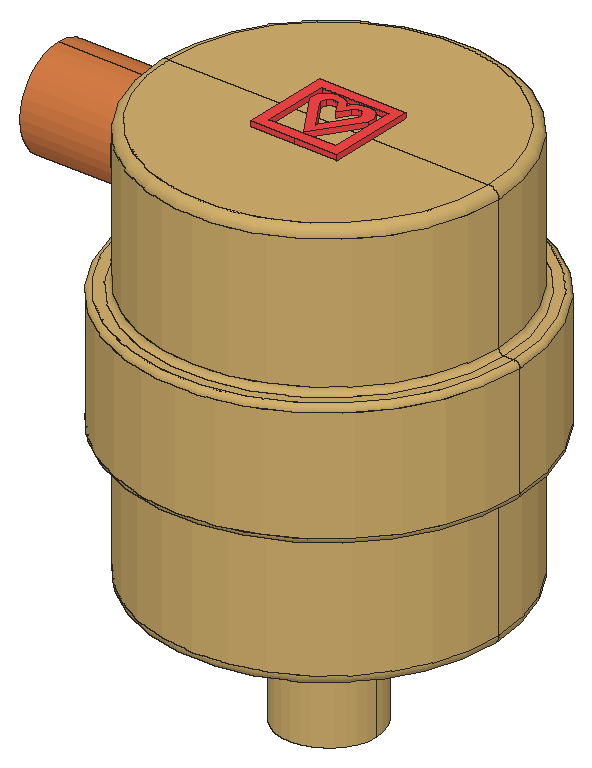
Revit family "Воздухоудалитель с функцией  выпуска воздуха 2630 10", category Rohrzubehör, Revit 2018
Family settings
  Bemaßung runder Anschluss = Durchmesser verwenden
  Teiletyp = Normal
  OmniClass-Nummer = 23.65.55.14
  OmniClass-Titel = Valves for Liquid Services
  Arbeitsebenenbasiert = Nein
  Immer vertikal = Ja
  Beim Laden mit Abzugskörper schneiden = Nein
  Gemeinsam genutzt = Nein
Parameters
  Поплавок = "Полипропилен"  # constant formula
  Номер заказа [instance] = if(Nennweite = 10.000 mm, 1263010, 0)  # 1263010
  SCRNSEQ = "AWI;AWI_TYP=\"1013\";1"
  SCRNCODE = "05;14;01"  # constant formula
  S03 = 24.500 mm  # constant formula
  S02 = 11.000 mm  # constant formula
  S01 = 56.000 mm  # constant formula
  Мин. рабочая температура = 0 °C  # constant formula
  Макс. давление на корпусе = 1000000.0 Pa  # constant formula
  Макс. рабочая температура = 110 °C  # constant formula
  URL = "www.herz-armaturen.ru"
  R02 = 0.600 mm  # constant formula
  R01 = 1.000 mm  # constant formula
  Nennweite [instance] = 10.000 mm  # constant formula
  Среда = "Качество  теплоносителя в соответствии с ÖNORM H5195 и/или предписаниями VDI-Standard 2035.\nРазрешается использование смеси этилен или пропиленгликоля в соотношении 25-50% с водой. Прокладки EPDM могут быть подвержены воздействию минеральных смазочных масел, что может служить причиной выхода из строя данных уплотнений. Пожалуйста, обратитесь к документации производителя, при использовании этиленгликоля и пропиленгликоля в целях защиты от замерзания."
  Макс. рабочее давление = 1000000.0 Pa  # constant formula
  L04 = L02 - L03  # 18.800 mm
  L03 = 9.500 mm  # constant formula
  L02 = 28.300 mm  # constant formula
  L01 = 4.000 mm  # constant formula
  Hersteller = "Herz-Armaturen GmbH"  # constant formula
  H08 = H00 - 1.000 mm  # 55.000 mm
  H07 = H00 - 7.500 mm  # 48.500 mm
  H06 = 2.500 mm  # constant formula
  H05 = 9.000 mm  # constant formula
  H04 = 14.500 mm  # constant formula
  H03 = 15.500 mm  # constant formula
  H02 = 13.000 mm  # constant formula
  H01 = 9.500 mm  # constant formula
  H00 = 56.000 mm  # constant formula
  Корпус = "штампованная латунь в соответствии с EN 12165, CW617N"  # constant formula
  G1 [instance] = Nennweite / 2  # 5.000 mm
  Уплотнение = "EPDM"  # constant formula
  Крышка корпуса = "штампованная латунь в соответствии с EN 12165, CW617N"  # constant formula
  D06 = 3.400 mm  # constant formula
  D05 = 5.100 mm  # constant formula
  D04 = 12.500 mm  # constant formula
  D03 = 11.000 mm  # constant formula
  D02 = 20.000 mm  # constant formula
  D01 = 17.800 mm  # constant formula
  Наружная резьба подключения = "в соответствии с ISO 228"  # constant formula
  Область применения = "Воздухоотводчик используется для удаления воздуха в системах отопления и холодоснабжения. Клапаны должны быть размещены рядом с котлом или же в самых высоких точках системы, чтобы обеспечить удаление воздуха из системы."
  Колпачок = "ABS пластик, цвет красный"  # constant formula
Reference planes
  plane 1 "Mitte (Vorne/hinten)": y = 0
  plane 2: z = 0
  plane 3 "Mitte (Links/rechts)": x = 0
Forms (mm)
  Revolve 1, solid, material "Messing", detail levels fine
    sketch origin (0, 0, 0) x (1, 0, 0) y (0, 0, 1)
      loop
        line (0, 56) -> (-16.8, 56)
        arc (-16.8, 56) -> (-17.507, 55.707) -> (-17.8, 55) r 1
        line (-17.8, 55) -> (-17.8, 41.1)
        arc (-17.8, 41.1) -> (-17.976, 40.676) -> (-18.4, 40.5) r 0.6
        line (-18.4, 40.5) -> (-19.4, 40.5)
        arc (-19.4, 40.5) -> (-19.824, 40.324) -> (-20, 39.9) r 0.6
        line (-20, 39.9) -> (-20, 28.1)
        arc (-20, 28.1) -> (-19.824, 27.676) -> (-19.4, 27.5) r 0.6
        line (-19.4, 27.5) -> (-18.4, 27.5)
        arc (-18.4, 27.5) -> (-17.976, 27.324) -> (-17.8, 26.9) r 0.6
        line (-17.8, 26.9) -> (-17.8, 14)
        arc (-17.8, 14) -> (-17.507, 13.293) -> (-16.8, 13) r 1
        line (-16.8, 13) -> (-13.8, 13) -> (-9, 9.5) -> (-5, 9.5) -> (-5, 0) -> (0, 0) -> (0, 56)
      axis (0, 56) -> (0, 0)
    angle from 0 to 360
  Revolve 2, solid, material "Messing", detail levels fine
    sketch origin (0, 0, 0) x (1, 0, 0) y (0, 0, 1)
      loop
        line (0, 48.5) -> (0, 51.9) -> (-18.8, 51.9) -> (-18.8, 48.5) -> (0, 48.5)
      axis (-18.8, 48.5) -> (0, 48.5)
    angle from 0 to 360
  Revolve 3, solid, material "Kunststoff-Orange", detail levels fine
    sketch origin (0, 0, 0) x (1, 0, 0) y (0, 0, 1)
      loop
        line (-28.3, 48.5) -> (-18.8, 48.5) -> (-18.8, 53.6) -> (-28.3, 53.6) -> (-28.3, 48.5)
      axis (-28.3, 48.5) -> (-18.8, 48.5)
    angle from 0 to 360
Lines and regions (mm)
  model lines, detail levels coarse+medium
    curve 1: line (0, 0, 56) -> (-12.587, 0, 43.413)
    curve 2: line (0, 0, 56) -> (12.587, 0, 43.413)
    curve 3: circle (0, 0, 31.5) r 11 normal (0, -1, 0)
    curve 4: line (0, 0, 42.5) -> (0, 0, 56)
    curve 5: line (0, 0, 20.5) -> (0, 0, 0)
    curve 6: line (0, 0, 56) -> (0, -12.587, 43.413)
    curve 7: line (0, 0, 56) -> (0, 12.587, 43.413)
    curve 8: circle (0, 0, 31.5) r 11 normal (1, 0, 0)
    curve 9: line (0, 56, 0) -> (-12.587, 43.413, 0)
    curve 10: line (0, 56, 0) -> (12.587, 43.413, 0)
    curve 11: circle (0, 31.5, 0) r 11 normal (0, 0, 1)
    curve 12: line (0, 42.5, 0) -> (0, 56, 0)
    curve 13: line (0, 20.5, 0) -> (0, 0, 0)
Dimensions and locks
  "H02": Revolve 1 sketch curve to Revolve 1 sketch curve
  "H03": Revolve 1 sketch curve to Revolve 1 sketch curve
  "H04": Revolve 1 sketch curve to Revolve 1 sketch curve
  "L01": Revolve 1 sketch curve to Revolve 1 sketch curve  (x2)
  "D01": Revolve 1 sketch curve to Revolve 1 sketch curve  (x2)
  "D02": Revolve 1 sketch curve to Revolve 1 sketch curve
  "H07": Revolve 2 sketch curve to plane 2
  "D06": Revolve 2 sketch curve to Revolve 2 sketch curve
  "L02": plane 3 "Mitte (Links/rechts)" to Revolve 3 sketch curve
  "L03": Revolve 3 sketch curve to Revolve 3 sketch curve
  "D05": Revolve 3 sketch curve to Revolve 3 sketch curve
  "H07": Revolve 3 sketch curve to plane 2
  "L04": plane 3 "Mitte (Links/rechts)" to Revolve 2 sketch curve
  "H08": nested 1 to plane 2
  "G1": Revolve 1 sketch curve to Revolve 1 sketch curve
  "H00": Revolve 1 sketch curve to Revolve 1 sketch curve
  "H01": Revolve 1 sketch curve to Revolve 1 sketch curve
  "S01": curve 2 to plane 2
  "D01": curve 1 to curve 4
  "D01": curve 2 to curve 2
  "S03": curve 4 to curve 3
  "D01": curve 6 to curve 6
  "D01": curve 7 to curve 7
  "S03": curve 7 to curve 8
  "S01": curve 7 to plane 2
  "S01": plane 1 "Mitte (Vorne/hinten)" to curve 12
  "S03": curve 12 to curve 11
  "D01": curve 9 to curve 9
  "D01": curve 10 to curve 10
  "R01": radius of Revolve 1 sketch curve  (x2)
  "R02": radius of Revolve 1 sketch curve  (x4)
  "S02": radius of curve 3
  "S02": radius of curve 8
  "S02": radius of curve 11
  angle curve 1 to curve 4 = 45.00°
  angle curve 4 to curve 2 = 45.00°
  angle curve 6 to plane 1 "Mitte (Vorne/hinten)" = 45.00°
  angle plane 1 "Mitte (Vorne/hinten)" to curve 7 = 45.00°
  angle curve 9 to curve 12 = 45.00°
  angle curve 12 to curve 10 = 45.00°
  aligned and locked: level to plane 2
Automatic sketch dimensions
  curve 7 to plane 1 "Mitte (Vorne/hinten)" = 0.000 mm
  curve 8 to plane 1 "Mitte (Vorne/hinten)" = 0.000 mm
  curve 1 to plane 3 "Mitte (Links/rechts)" = 0.000 mm
  curve 5 to plane 3 "Mitte (Links/rechts)" = 0.000 mm
  curve 3 to plane 3 "Mitte (Links/rechts)" = 0.000 mm
  curve 5 to level = 0.000 mm
  curve 9 to plane 3 "Mitte (Links/rechts)" = 0.000 mm
  curve 13 to plane 3 "Mitte (Links/rechts)" = 0.000 mm
  curve 11 to plane 3 "Mitte (Links/rechts)" = 0.000 mm
  plane 1 "Mitte (Vorne/hinten)" to curve 13 = 0.000 mm
  Revolve 1 sketch curve to level = 0.000 mm
  Revolve 1 sketch curve to plane 3 "Mitte (Links/rechts)" = 0.000 mm
  plane 3 "Mitte (Links/rechts)" to Revolve 1 sketch curve = 0.000 mm
  Revolve 1 sketch curve to Revolve 1 sketch curve = 2000.000 mm
  Revolve 1 sketch curve to Revolve 1 sketch curve = 1932.500 mm
  Revolve 2 sketch curve to plane 3 "Mitte (Links/rechts)" = 0.000 mm  (x2)
  Revolve 2 sketch curve to Revolve 2 sketch curve = 0.000 mm  (x2)
  Revolve 3 sketch curve to Revolve 3 sketch curve = 0.000 mm  (x3)
Nested families
  nested 1: "Herz-Logo" at (0, 0, 55), type "Herz-Logo", detail levels fine
Connectors
  piping at (0, 0, 0), diameter 10, driven by "Nennweite"
    settings: on Revolve 1, index 1, connector inside diameter 609.6 mm, connector length 0.000 mm, flow factor 0, pipe flow 0.0 L/s, pressure drop 0.0 Pa, fitting loss kfactor 0, connector angle 0.00°, fixture units 0, engagement length 0.000 mm, angle of deflection 0.00°, flow configuration 0, flow direction 1, fitting loss method 0, system type 29, joint type 0, gender type 0, connector reference index -1, connector utility 0, adjustable connector no, is connector primary yes, connector description ""
Definition of nested family "Herz-Logo"
  Reference planes
    plane 1 "Mitte (Vorne/hinten)": y = 0
    plane 2: z = 0
    plane 3 "Mitte (Links/rechts)": x = 0
  Forms (mm)
    Extrusion 1, solid
      sketch origin (0, 0, 0) x (1, 0, 0) y (0, 1, 0)
        loop
          line (-0.018, -4.517) -> (4.482, -4.517) -> (4.482, 4.483) -> (-4.518, 4.483) -> (-4.518, -4.517) -> (-0.018, -4.517)
        loop
          line (-0.05, -3.48) -> (3.482, -3.48) -> (3.482, 3.483) -> (-3.518, 3.483) -> (-3.518, -3.48) -> (-0.05, -3.48)
        loop
          arc (-0.018, 2.383) -> (-1.543, 3.287) -> (-3.067, 2.383) r 1.738
          arc (-3.067, 2.383) -> (-3.191, 1.899) -> (-3.067, 1.415) r 1.009
          line (-3.067, 1.415) -> (-0.018, -3.281) -> (3.032, 1.415)
          arc (3.032, 1.415) -> (3.156, 1.899) -> (3.032, 2.383) r 1.009
          arc (3.032, 2.383) -> (1.507, 3.287) -> (-0.018, 2.383) r 1.738
        loop
          arc (1.885, 1.272) -> (2.005, 1.675) -> (1.885, 2.079) r 0.74
          arc (1.885, 2.079) -> (1.265, 2.416) -> (0.644, 2.079) r 0.74
          line (0.644, 2.079) -> (-0.018, 0.97) -> (-0.679, 2.079)
          arc (-0.679, 2.079) -> (-1.3, 2.416) -> (-1.921, 2.079) r 0.74
          arc (-1.921, 2.079) -> (-2.04, 1.675) -> (-1.921, 1.272) r 0.74
          line (-1.921, 1.272) -> (-0.018, -1.658) -> (1.885, 1.272)
      from 0 to 1.5
  Dimensions and locks
    aligned and locked: level to plane 2
